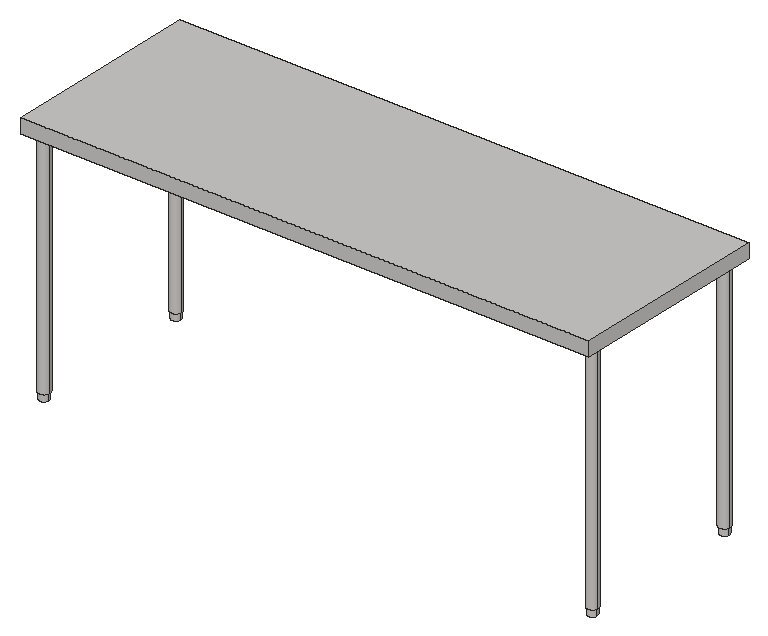
Revit family "QF_ELECTROLUXPROFESSIONAL_133053_TG2000EN", category Attrezzature speciali, Revit 2020
Family settings
  Quota connettore circolare = Usa diametro
  Tipo di parte = Normale
  Basato su piano di lavoro = No
  Sempre verticale = Sì
  Taglio con vuoti quando caricato = No
  Condiviso = No
  Punto di calcolo locali = No
Parameters (values of type "Standard")
  Weight = 58.00 kg
  Watts = 0 W
  Volts = 0 V
  URL Manufacturer = "https://www.electroluxprofessional.com/"
  URL = "https://www.electroluxprofessional.com/"
  Steam Supply Size = 0 mm
  Steam Supply Minimum Pressure = 0.0 Pa
  Steam Supply Maximum Pressure = 0.0 Pa
  Steam Consumption per Hour = 0
  Refrigeration Suction Line Size = 0.0 mm
  Refrigeration Liquid Line Size = 0.0 mm
  Refrigerant Compressor Remote = yes
  Prospetto di default = 0.0 mm
  Produttore = "Electrolux Professional"
  Phase = 0
  Modello = "TG2000EN"
  Length Actual = 2000.0 mm  # constant formula
  Item Number = "133053"
  Hot Water Size = 0 mm
  Height Actual = 900.0 mm  # constant formula
  HP = "0 HP"
  Gas Size = 0 mm
  Gas KW = 0
  Gas Input Pressure = 0 W
  Direct Waste Size = 0 mm
  Descrizione = "WORK TABLE 2000 MM"
  Depth Actual = 700.0 mm  # constant formula
  Cycle = 0 Hz
  Condensate Return Size = 0 mm
  Compressed Air Volume = 0.0 L/s
  Compressed Air Size = 0 mm
  Compressed Air Pressure = 0.0 Pa
  Cold Water Size = 0 mm
  Accessory = yes
Reference planes
  plane 1 "Center (Front/Back)": y = 0
  plane 2: z = 0
  plane 3 "Center (Left/Right)": x = -500
  plane 4 "LEFT": x = -1500
  plane 5 "RIGHT": x = 500
  plane 6 "BACK": y = 350
  plane 7 "FRONT": y = -350
  plane 8 "Base": z = 850
  plane 9 "TOP": z = 900
  plane 10: x = -1464.5
  plane 11: x = 464.5
  plane 12: y = 290
  plane 13: y = -290
Forms (mm)
  Extrusion 1, solid, material "QF_Finishes_Stainless Steel"
    sketch origin (-500, 0, 0) x (0, 1, 0) y (0, 0, 1)
      loop
        line (-350, 850) -> (350, 850) -> (350, 900) -> (-350, 900) -> (-350, 850)
    from 1000 to -1000
Lines and regions (mm)
  symbolic lines
    curve 1: line (500, 350, 900) -> (-1500, 350, 900)
    curve 2: line (-1500, 350, 900) -> (-1500, -350, 900)
    curve 3: line (-1500, -350, 900) -> (500, -350, 900)
    curve 4: line (500, -350, 900) -> (500, 350, 900)
Dimensions and locks
  plane 4 "LEFT" to plane 5 "RIGHT" = 2000.0 mm
  equal spacing: plane 4 "LEFT", plane 3 "Center (Left/Right)", plane 5 "RIGHT"
  locked: plane 8 "Base" to level at 850
  plane 4 "LEFT" to plane 10 = 35.5 mm
  plane 11 to plane 5 "RIGHT" = 35.5 mm
  plane 10 to plane 11 = 1929.0 mm
  locked: plane 9 "TOP" to level at 900
  plane 6 "BACK" to plane 12 = 60.0 mm
  plane 13 to plane 7 "FRONT" = 60.0 mm
  plane 6 "BACK" to plane 7 "FRONT" = 700.0 mm
  plane 12 to plane 13 = 580.0 mm
  equal spacing: plane 6 "BACK", plane 1 "Center (Front/Back)", plane 7 "FRONT"
  aligned and locked: level to plane 2
  aligned and locked: plane 10 to nested 1
  aligned and locked: nested 1 to plane 13
  aligned and locked: plane 11 to nested 2
  aligned and locked: nested 2 to plane 13
  aligned and locked: plane 11 to nested 4
  aligned and locked: nested 4 to plane 12
  aligned and locked: plane 10 to nested 3
  aligned and locked: nested 3 to plane 12
  aligned and locked: Extrusion 1 to plane 4 "LEFT"
  aligned and locked: plane 5 "RIGHT" to Extrusion 1
  aligned and locked: curve 2 to plane 4 "LEFT"
Automatic sketch dimensions
  Extrusion 1 sketch curve to plane 7 "FRONT" = 0.0 mm
  Extrusion 1 sketch curve to plane 8 "Base" = 0.0 mm
  curve 3 to plane 7 "FRONT" = 0.0 mm
  curve 4 to plane 6 "BACK" = 0.0 mm
  Extrusion 1 sketch curve to plane 9 "TOP" = 0.0 mm
  Extrusion 1 sketch curve to plane 6 "BACK" = 0.0 mm
  curve 4 to plane 5 "RIGHT" = 0.0 mm
Nested families
  nested 1: "FEET_D40" at (-1464.5, -290, 0), type "FEET_D40"
  nested 2: "FEET_D40" at (464.5, -290, 0), type "FEET_D40"
  nested 3: "FEET_D40" at (-1464.5, 290, 0), type "FEET_D40"
  nested 4: "FEET_D40" at (464.5, 290, 0), type "FEET_D40"
Definition of nested family "FEET_D40"
  Parameters
    Default Elevation = 0.0 mm
    FEET = 850.0 mm
  Reference planes
    plane 1 "Center (Front/Back)": y = 0
    plane 2: z = 0
    plane 3 "Center (Left/Right)": x = 0
    plane 4: z = 850
  Forms (mm)
    Extrusion 1, solid
      sketch origin (0, 0, 0) x (1, 0, 0) y (0, 1, 0)
        loop
          circle (0, 0.002) r 20
      from 25 to 845
    Extrusion 2, solid
      sketch origin (0, 0, 0) x (1, 0, 0) y (0, 1, 0)
        loop
          circle (0, 0) r 16
      from 0 to 25
    Extrusion 3, solid
      sketch origin (0, 0, 0) x (1, 0, 0) y (0, 1, 0)
        loop
          circle (0, 0.002) r 30
      from 845 to 850
  Lines and regions (mm)
    symbolic lines
      curve 1: line (0, -1.503, 0) -> (0, 1.508, 0)
      curve 2: line (1.561, 0, 0) -> (-1.439, 0, 0)
  Dimensions and locks
    "FEET": plane 4 to plane 2
    aligned and locked: level to plane 2
  Automatic sketch dimensions
    plane 1 "Center (Front/Back)" to Extrusion 2 sketch curve = 0.0 mm
    Extrusion 2 sketch curve to plane 3 "Center (Left/Right)" = 0.0 mm
    plane 1 "Center (Front/Back)" to curve 2 = 0.0 mm
    curve 1 to plane 3 "Center (Left/Right)" = 0.0 mm
    curve 2 to plane 3 "Center (Left/Right)" = 1.439 mm
    plane 3 "Center (Left/Right)" to curve 2 = 1.561 mm
    plane 1 "Center (Front/Back)" to curve 1 = 1.503 mm
    curve 1 to plane 1 "Center (Front/Back)" = 1.508 mm
    Extrusion 1 sketch curve to plane 3 "Center (Left/Right)" = 0.0 mm
    Extrusion 1 sketch curve to plane 1 "Center (Front/Back)" = 0.002 mm
    Extrusion 3 sketch curve to plane 3 "Center (Left/Right)" = 0.0 mm
    Extrusion 3 sketch curve to plane 1 "Center (Front/Back)" = 0.002 mm
    radius of Extrusion 2 sketch curve = 16.0 mm
    radius of Extrusion 1 sketch curve = 20.0 mm
    radius of Extrusion 3 sketch curve = 30.0 mm
